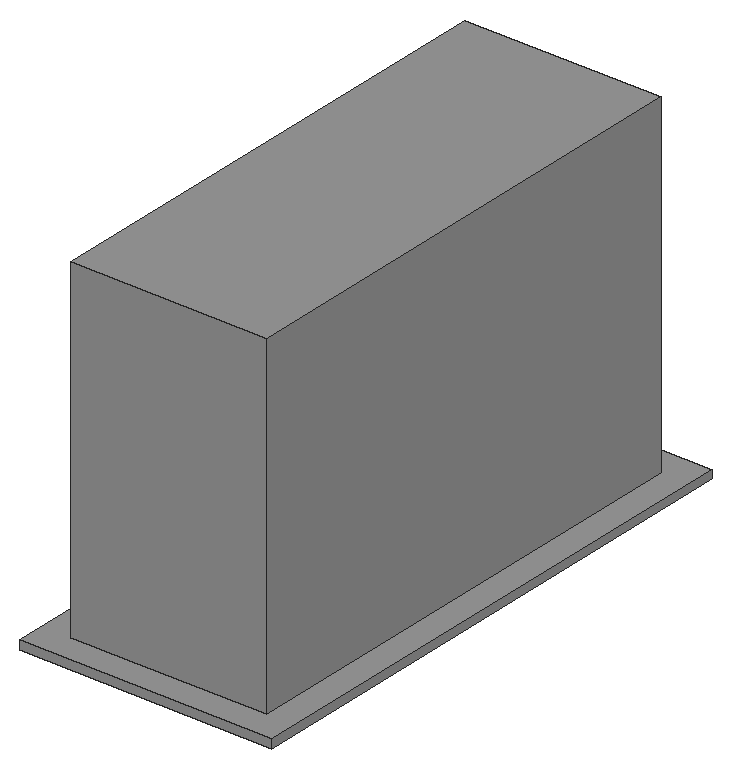
Revit family "KKDC_SpotLight_LiNi_XL_Spot_Recessed_3R_3000K", category 조명 설비, Revit 2024
Family settings
  호스트 = 천장
  원형 커넥터 치수 = 지름 사용
  부품 유형 = 배선함
  OmniClass 번호 = 23.80.70.11
  OmniClass 제목 = Luminaries for Internal Lighting
  항상 수직 = 예
  로드될 때 보이드를 사용하여 절단 = 예
  광원 = 예
  주석 방향 유지 = 아니오
  공유 = 아니오
  룸 계산 점 = 아니오
Parameters (values of type "LiNi XL Spot Recessed 3R 40deg")
  측광 웹 파일 = "LiNi XL Spot Light 3R 7W_3000K_Deg 40.IES"
  Emit from Rectangle Width = 84 mm
  Emit from Rectangle Length = 30 mm
  와티지 해설 = "7W"
  Wattage = 7 W
  built-in parameter 1150110 = 1 (stored number, unit not read)
  built-in parameter 1114217 = 1 (stored number, unit not read)
  built-in parameter 1150109 = 1 (stored number, unit not read)
  built-in parameter 1150134 = (empty or 0)
  built-in parameter 1150113 = 1 (stored number, unit not read)
  Emit Shape Visible in Rendering = yes
  램프 = "Highpower"
  Default Elevation = 0 mm
  Lumens = 448 lm
  Tilt Angle = 90.00°
  built-in parameter 1150115 = 1 (stored number, unit not read)
  built-in parameter 1150105 = 35.651 (stored number, unit not read)
  built-in parameter 1150137 = (empty or 0)
  built-in parameter 1150139 = (empty or 0)
  built-in parameter 1150112 = 1 (stored number, unit not read)
  built-in parameter 1150114 = 1 (stored number, unit not read)
  built-in parameter 1150132 = (empty or 0)
  built-in parameter 1150102 = (empty or 0)
  built-in parameter 1150138 = (empty or 0)
  built-in parameter 1150107 = 3000 (stored number, unit not read)
  built-in parameter 1150106 = 0.35651 (stored number, unit not read)
  built-in parameter 1150104 = 5.9458 (stored number, unit not read)
  Dimming Lamp Color Temperature Shift = (empty or 0)
  Color Filter = 16777215
  built-in parameter 1114218 = 1 (stored number, unit not read)
  built-in parameter 1150133 = 10 (stored number, unit not read)
Types (3, lengths in mm): name | 측광 웹 파일
  (no name) | "LiNi XL Spot Light 3R 7W_3000K_Deg 40.IES"
  LiNi XL Spot Recessed 3R 24deg | "LiNi XL Spot Light 3R 7W_3000K_Deg 24.IES"
  LiNi XL Spot Recessed 3R 40deg | "LiNi XL Spot Light 3R 7W_3000K_Deg 40.IES"
Reference planes
  plane 1 "광원 축(F/B)": y = 0
  plane 2 "천장": z = 2438.4
  plane 3 "광원 축(L/R)": x = 0
  plane 4 "광원 입면도": z = 2436.9
  plane 5: z = 2438.4
  plane 6 "Connector": z = 2438.4
Forms (mm)
  Extrusion 1, solid, material "알루미늄"
    sketch origin (0, 0, 0) x (0, 1, 0) y (0, 0, 1)
      loop
        line (-49, 2438.4) -> (-49, 2436.9) -> (49, 2436.9) -> (49, 2438.4) -> (-49, 2438.4)
    from -22.5 to 22.5
  Extrusion 2, solid, material "알루미늄"
    sketch origin (0, 17.5, 0) x (0, 1, 0) y (0, 0, 1)
      loop
        line (26.5, 2498.4) -> (-61.5, 2498.4) -> (-61.5, 2438.4) -> (26.5, 2438.4) -> (26.5, 2498.4)
    from -17.5 to 17.5
Dimensions and locks
  equal spacing: host sketch curve, plane 3 "광원 축(L/R)", host sketch curve
  equal spacing: host sketch curve, plane 1 "광원 축(F/B)", host sketch curve
  host sketch curve to host sketch curve = 3048 mm  (x2)
  aligned and locked: plane 3 "광원 축(L/R)" to imposter light
  aligned and locked: plane 1 "광원 축(F/B)" to imposter light
  aligned and locked: plane 4 "광원 입면도" to imposter light
Connectors
  electrical at (0, 0, 2438.4)
    settings: index 1, voltage 12 V, apparent load 0 VA, apparent load phase1 0 VA, apparent load phase2 0 VA, apparent load phase3 0 VA, power factor 1, load classification "조명", number of poles 1, system type 31, power factor state 1, is connector primary yes, connector utility no, sub classification motor no, connector description ""
